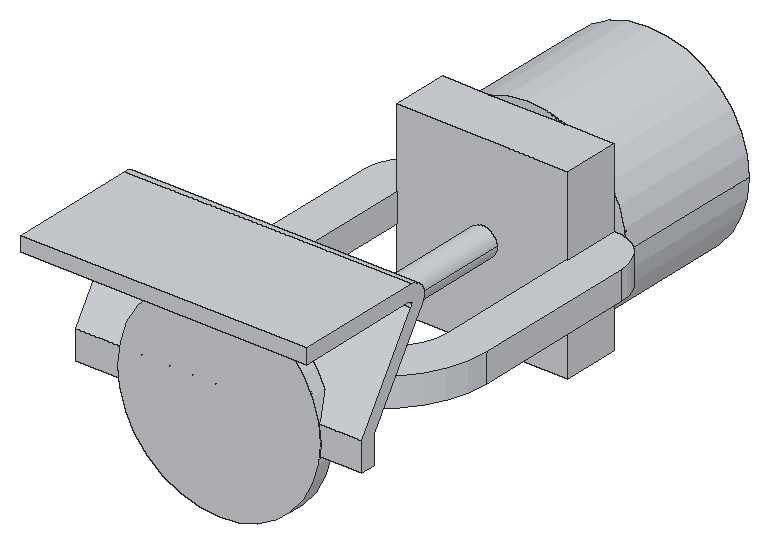
Revit family
Parameters (values of type "RASCO F1FR56 HSW")
  Temperature Rating = 200 °F
  Response = 1
  RASCO SIN # = "RA1435"
  RASCO Part # = "F1FR56H2B"
  Pressure Rating = "175 PSI"
  Pressure Class = (empty or 0)
  Orifice Size = 1/2"
  Orifice = (empty or 0)
  Model = "F1FR56"
  Manufacturer = "RASCO"
  K-Factor = 5.6
  Description = "Bronze Finish"
  Coverage = (empty or 0)
Reference planes (in)
  plane 1 "Center (Front/Back)": y = 0
  plane 2: z = 0
  plane 3 "Center (Left/Right)": x = 0
Dimensions and locks (in)
  aligned and locked: plane 2 to level
Nested families (in)
  nested 1: "F1FR56H2B" at (0, 0, 0), type "RASCO F1FR56 HSW"
Connectors (in)
  piping at (-0.01236, 1.34926, 1.25584)
    settings: on nested 1, index 1, connector radius 115/256", flow factor 0, pipe flow 0 GPM, pressure drop 0.00 psi, fitting loss kfactor 0, connector angle 0.00°, fixture units 0, flow configuration 0, flow direction 0, fitting loss method 0, system type 7, connector reference index -1, connector utility 0, adjustable connector no, is connector primary yes, fitting loss table "", connector description ""
Definition of nested family "F1FR56H2B"
  Parameters (values of type "RASCO F1FR56 HSW")
    Type Comments = ""
    Temperature Rating = 0 °F
    Response = (empty or 0)
    Pressure Rating = "0"
    Pressure Class = (empty or 0)
    Orifice Size = 0"
    Orifice = (empty or 0)
    Model = ""
    Manufacturer = ""
    K-Factor = 0
    Description = ""
    Coverage = (empty or 0)
    Assembly Code = ""
  Reference planes (in)
    plane 1 "Center (Front/Back)": y = 0
    plane 2: z = 0
    plane 3 "ref.2": z = 0.6875
    plane 4 "ref.3": z = 0.9375
    plane 5: x = -0.38065
    plane 6: x = 0.36935
    plane 7 "ref. side 1": y = 0.06402
    plane 8 "ref. side 2": y = -0.06098
    plane 9 "ref.4": z = 1.875
    plane 10 "ref.5": z = 2.3125
    plane 11 "ref.6": z = 2.4375
    plane 12 "center": x = -0.00574
  Forms (in)
    Extrusion 1, solid
      sketch origin (-0.01236, 1.37309, 1.25584) x (-1, 0, 0) y (0, 0, -1)
        loop
          circle (0, 0) r 0.4379
      from 0.02383 to 0.6875
    Extrusion 2, solid
      sketch origin (0.10949, 0.68559, 1.20407) x (-1, 0, 0) y (0, 0, -1)
        loop
          line (-0.2588, 0.356) -> (-0.2588, -0.4565) -> (0.4912, -0.4565) -> (0.4912, 0.356) -> (-0.2588, 0.356)
      from 0 to 0.25
    Extrusion 3, solid
      sketch origin (-0.01236, 1.3722, 1.25584) x (-1, 0, 0) y (0, -1, 0)
        loop
          line (-0.38065, 0.68754) -> (-0.38065, 1.58397)
          arc (-0.38065, 1.58397) -> (-0.29541, 1.78976) -> (-0.08962, 1.875) r 0.29103
          line (-0.08962, 1.875) -> (0.07524, 1.875)
          arc (0.07524, 1.875) -> (0.28321, 1.78886) -> (0.36935, 1.58089) r 0.29411
          line (0.36935, 1.58089) -> (0.36935, 0.68751)
          arc (0.36935, 0.68751) -> (0.50207, 0.74393) -> (0.55685, 0.87734) r 0.18984
          line (0.55685, 0.87734) -> (0.55685, 1.61676)
          arc (0.55685, 1.61676) -> (0.42629, 1.93194) -> (0.11111, 2.0625) r 0.44574
          line (0.11111, 2.0625) -> (-0.12259, 2.0625)
          arc (-0.12259, 2.0625) -> (-0.43765, 1.932) -> (-0.56815, 1.61694) r 0.44556
          line (-0.56815, 1.61694) -> (-0.56815, 0.87876)
          arc (-0.56815, 0.87876) -> (-0.51345, 0.74486) -> (-0.38065, 0.68754) r 0.19126
      from -0.06402 to 0.06098
    Extrusion 4, solid
      sketch origin (-0.01236, 0.43559, 1.25584) x (1, 0, 0) y (0, 0, 1)
        loop
          circle (0.00574, -0.00152) r 0.0625
      from 0 to 0.9375
    Extrusion 5, solid
      sketch origin (-0.01236, -0.50191, 1.25584) x (1, 0, 0) y (0, 0, 1)
        loop
          circle (0.00574, -0.00152) r 0.1875
      from 0 to 0.4375
    Extrusion 6, solid
      sketch origin (-0.01236, -0.89954, 1.2504) x (-1, 0, 0) y (0, 0, 1)
        loop
          circle (-0.00574, -0.00152) r 0.44275
      from -0.10531 to -0.03987
    Extrusion 7, solid
      sketch origin (-0.00662, 1.2679, 1.26334) x (0, -1, 0) y (0, 0, 1)
        loop
          line (2.27263, -0.06402) -> (2.27263, 0.06098) -> (2.00466, 0.4658)
          arc (2.00466, 0.4658) -> (2.00382, 0.48409) -> (2.01953, 0.49348) r 0.01783
          line (2.01953, 0.49348) -> (2.57559, 0.49348) -> (2.57559, 0.55848) -> (2.00257, 0.55848)
          arc (2.00257, 0.55848) -> (1.94355, 0.52319) -> (1.9467, 0.4545) r 0.067
          line (1.9467, 0.4545) -> (2.20719, 0.06098) -> (2.20719, -0.06402) -> (2.27263, -0.06402)
      from -0.62515 to 0.62904
  Cuts and joins
    joined: Extrusion 1, Extrusion 2, Extrusion 4
